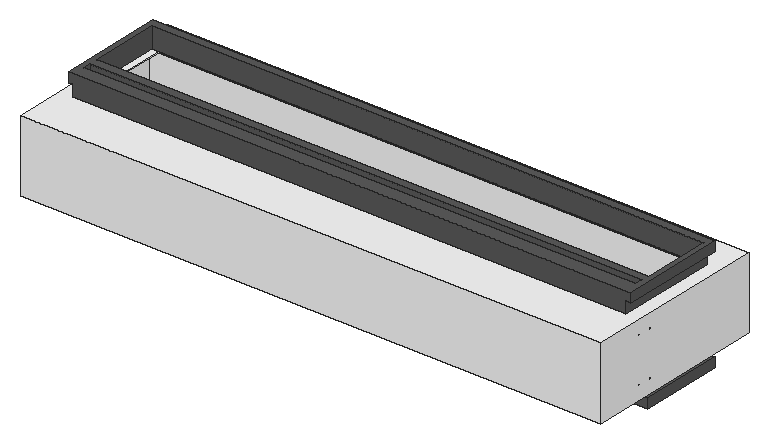
Revit family "C Series - C1320STIO - Front Intake", category Generic Models, host Face, Revit 2019
Family settings
  Host = Face
  Can host rebar = No
  Round Connector Dimension = Use Diameter
  Part Type = Normal
  Cut with Voids When Loaded = Yes
  Shared = Yes
  Room Calculation Point = No
Parameters (values of type "As Specified")
  URL = "https://www.montigo.com/"
  Top Offset Right = 0"
  Top Offset Left = 0"
  Manufacturer Website = "https://www.montigo.com/"
  Manufacturer Phone - Toll Free = "800-378-3115"
  Manufacturer Phone = ""
  Manufacturer Fax = ""
  Manufacturer Address = "27342 Gloucester Way  Langley, BC, Canada   V4W 4A1"
  Manufacturer = "Montigo"
  Length = 168 3/16"
  Intake Duct Offset = 6"
  Height = 53 113/256"
  HVAC_Exit Diameter = 8"
  HVAC_Entry Diameter = 7"
  HVAC_BTU Output = 0.0 Btu/h
  HVAC_BTU Input = 0.0 Btu/h
  Glazing Tint = Glass - Montigo - Tint as Specified
  Frame Material = Metal - Montigo - Black
  Firebox Material = Metal - Montigo - White
  Fire Place Opening Length = 43"
  Fire Place Opening = 30 1/2"
  Description = "Montigo Fireplace as Specified"
  Depth = 20 225/256"
  Default Elevation = 48"
  COOLPack Consumption = 1200 CFM
  Base Offset Right = 9"
  Base Offset Left = 9"
  Base Offset = 1"
  Base Height = 14 49/256"
  Assembly Code = "D3020"
Reference planes (in)
  plane 1 "Center (Front/Back)": y = 0
  plane 2: z = 0
  plane 3 "Center (Left/Right)": x = 0
  plane 4: x = -84.09375
  plane 5: x = 84.09375
  plane 6: y = 26.7207
  plane 7: y = -26.7207
  plane 8: y = -12.5293
  plane 9: z = 0
  plane 10: z = -20.87891
  plane 11: z = -10.43945
  plane 12: x = -81.5
  plane 13: x = 81.5
  plane 14: y = 17.9707
Forms (in)
  Extrusion 1, solid, material "Metal - Montigo - White" <- "Firebox Material"
    sketch origin (-60.41868, -180, 0) x (-1, 0, 0) y (0, -1, 0)
      loop
        line (23.67507, -206.7207) -> (23.67507, -153.2793) -> (-144.51243, -153.2793) -> (-144.51243, -206.7207) -> (23.67507, -206.7207)
    from 0 to -20.87891
  Extrusion 2, solid, material "Metal - Montigo - Black" <- "Frame Material"
    sketch origin (-60.41868, -180, 0) x (-1, 0, 0) y (0, -1, 0)
      loop
        line (21.08132, -197.9707) -> (21.08132, -167.4707) -> (-141.91868, -167.4707) -> (-141.91868, -197.9707) -> (21.08132, -197.9707)
    from 0 to 6
  Sweep 3, void
    path in 3D
      loop
        line (81.5, -12.5293, 6) -> (81.5, 17.9707, 6) -> (-81.5, 17.9707, 6) -> (-81.5, -12.5293, 6)
    profile origin (81.5, 2.7207, 6) x (-1, 0, 0) y (0, 0, 1)
      loop
        line (0, -6) -> (1.375, -6) -> (1.375, -2.75) -> (0, -2.75) -> (0, -6)
  Extrusion 4, void
    sketch origin (-60.41868, -180, 0) x (0, -1, 0) y (-1, 0, 0)
      loop
        line (-196.4082, 21.08132) -> (-196.4082, -141.91868) -> (-174.9082, -141.91868) -> (-174.9082, 21.08132) -> (-196.4082, 21.08132)
    from 0.125 to 20.75
  Extrusion 5, void
    sketch origin (-60.41868, -181.80859, 0) x (0, -1, 0) y (-1, 0, 0)
      loop
        line (-197.52539, 19.58132) -> (-197.52539, -140.41868) -> (-177.52539, -140.41868) -> (-177.52539, 19.58132) -> (-197.52539, 19.58132)
    from -6 to 0
  Extrusion 6, void
    sketch origin (-60.41868, -180, 0) x (0, -1, 0) y (-1, 0, 0)
      loop
        line (-195.71679, 17.58132) -> (-195.71679, -138.41868) -> (-175.7168, -138.41868) -> (-175.7168, 17.58132) -> (-195.71679, 17.58132)
    from -1 to 1
  Extrusion 7, void
    sketch origin (-60.41868, -180, 0) x (0, -1, 0) y (-1, 0, 0)
      loop
        line (-173.4082, 19.58132) -> (-173.4082, -140.41868) -> (-171.0332, -140.41868) -> (-171.0332, 19.58132) -> (-173.4082, 19.58132)
    from -6 to -3.25
  Extrusion 8, void
    sketch origin (0, -1.69589, -0.88973) x (0, 1, 0) y (0, 0, 1)
      loop
        circle (-11.27091, -16.05168) r 0.4375
      loop
        circle (-7.27091, -16.05168) r 0.4375
      loop
        circle (-11.27091, -3.05168) r 0.4375
      loop
        circle (-7.27091, -3.05168) r 0.4375
    from 84.09375 to 83.46962
  Extrusion 9, solid, material "Metal - Montigo - Black" <- "Frame Material"
    sketch origin (-60.41868, -180, -20.87891) x (0, 1, 0) y (1, 0, 0)
      loop
        line (197.9707, -21.08132) -> (197.9707, 141.91868) -> (173.4707, 141.91868) -> (173.4707, -21.08132) -> (197.9707, -21.08132)
    from 0 to 6
  Sweep 10, void
    path in 3D
      loop
        line (81.5, -12.5293, -26.87891) -> (81.5, 17.9707, -26.87891) -> (-81.5, 17.9707, -26.87891) -> (-81.5, -12.5293, -26.87891)
    profile origin (81.5, 2.7207, -26.87891) x (1, 0, 0) y (0, 0, -1)
      loop
        line (0, -6) -> (0, -2.75) -> (-1.375, -2.75) -> (-1.375, -6) -> (0, -6)
  Extrusion 11, void
    sketch origin (-60.41868, -180, -20.87891) x (1, 0, 0) y (0, 1, 0)
      loop
        line (-17.58132, 195.71679) -> (-17.58132, 175.7168) -> (138.41868, 175.7168) -> (138.41868, 195.71679) -> (-17.58132, 195.71679)
    from -1 to 1
  Extrusion 12, void
    sketch origin (-60.41868, -181.80859, -20.87891) x (1, 0, 0) y (0, 1, 0)
      loop
        line (-19.58132, 197.52539) -> (-19.58132, 177.52539) -> (140.41868, 177.52539) -> (140.41868, 197.52539) -> (-19.58132, 197.52539)
    from -6 to 0
Cuts and joins
  Sweep 3, Extrusion 4, Extrusion 5, Extrusion 7, Sweep 10, Extrusion 11, Extrusion 12 cuts Extrusion 2
  Extrusion 4, Extrusion 5, Extrusion 6, Extrusion 7, Extrusion 8, Sweep 10, Extrusion 11, Extrusion 12 cuts Extrusion 1
  Sweep 10, Extrusion 12 cuts Extrusion 9
Lines and regions (in)
  symbolic lines
    curve 1: line (80.125, 54.21644, 0) -> (80.125, 50.96644, 0)
    curve 2: line (80.125, 50.96644, 0) -> (81.5, 50.96644, 0)
    curve 6: line (80, 16.4082, 0) -> (80, -3.2832, 0)
    curve 7: line (-80, -3.2832, 0) -> (-80, 16.4082, 0)
  sketch lines
    curve 3: line (81.5, -12.5293, 6) -> (81.5, 17.9707, 6)
    curve 4: line (81.5, 17.9707, 6) -> (-81.5, 17.9707, 6)
    curve 5: line (-81.5, 17.9707, 6) -> (-81.5, -12.5293, 6)
    curve 8: line (81.5, -12.5293, -26.87891) -> (81.5, 17.9707, -26.87891)
    curve 9: line (81.5, 17.9707, -26.87891) -> (-81.5, 17.9707, -26.87891)
    curve 10: line (-81.5, 17.9707, -26.87891) -> (-81.5, -12.5293, -26.87891)
Dimensions and locks (in)
  equal spacing: plane 4, plane 3 "Center (Left/Right)", plane 5
  "Length": plane 4 to plane 5
  equal spacing: plane 7, plane 1 "Center (Front/Back)", plane 6
  "Height": plane 7 to plane 6
  "Base Height": plane 7 to plane 8
  "Depth": plane 9 to plane 10
  equal spacing: plane 9, plane 11, plane 10
  locked: plane 4 to plane 12 at 2.59375
  locked: plane 13 to plane 5 at 2.59375
  "Fire Place Opening": plane 8 to plane 14
  locked: Extrusion 4 sketch curve to plane 8 at 7.4375
  locked: Extrusion 4 sketch curve to plane 14 at 1.5625
  locked: plane 8 to cut or joined group 1 (Extrusion 1, Extrusion 4, Extrusion 5, Extrusion 6, Extrusion 7, Extrusion 8, Sweep 10, Extrusion 11, Extrusion 12) at 7.4375
  locked: cut or joined group 1 to plane 14 at 1.5625
  locked: plane 12 to Extrusion 5 sketch curve at 1.5
  locked: Extrusion 5 sketch curve to plane 13 at 1.5
  locked: plane 12 to Extrusion 6 sketch curve at 3.5
  locked: Extrusion 6 sketch curve to plane 13 at 3.5
  Extrusion 6 sketch curve to plane 14 = 2 65/256"
  locked: Extrusion 6 sketch curve to plane 8 at 8.24609
  locked: plane 12 to Extrusion 7 sketch curve at 1.5
  locked: Extrusion 7 sketch curve to plane 13 at 1.5
  locked: plane 8 to Extrusion 7 sketch curve at 5.9375
  locked: plane 8 to Extrusion 7 sketch curve at 3.5625
  locked: cut or joined group 1 to plane 5 at 0.62413
  cut or joined group of Extrusion 2, Sweep 3, Extrusion 4, Extrusion 5, Extrusion 7, Sweep 10, Extrusion 11, Extrusion 12 to cut or joined group of Extrusion 2, Sweep 3, Extrusion 4, Extrusion 5, Extrusion 7, Sweep 10, Extrusion 11, Extrusion 12 = 20"
  aligned and locked: plane 2 to host face
  aligned and locked: level to host face
  aligned and locked: Extrusion 1 sketch curve to plane 6
  aligned and locked: Extrusion 1 to plane 10
  aligned and locked: plane 5 to Extrusion 1
  aligned and locked: Extrusion 1 sketch curve to plane 7
  aligned and locked: plane 9 to level
  aligned and locked: Extrusion 2 sketch curve to plane 14
  aligned and locked: plane 12 to Extrusion 2 sketch curve
  aligned and locked: Extrusion 2 sketch curve to plane 8
  aligned and locked: plane 13 to Extrusion 2 sketch curve
  aligned and locked: Extrusion 2 to level
  aligned and locked: plane 12 to Extrusion 4 sketch curve
  aligned and locked: plane 13 to Extrusion 4 sketch curve
  aligned and locked: Extrusion 2 to Extrusion 5
  aligned and locked: Extrusion 5 to level
  aligned and locked: Extrusion 2 to Extrusion 7
  aligned and locked: Extrusion 7 to Sweep 3
  aligned and locked: Extrusion 8 to cut or joined group 1
Automatic sketch dimensions
  host sketch curve to host sketch curve = 96"  (x2)
  Extrusion 1 sketch curve to plane 5 = 0"
  Extrusion 1 sketch curve to plane 4 = 0"
  curve 2 to plane 13 = 0"
  plane 13 to curve 2 = 1 3/8"
  curve 2 to plane 6 = 24.24574"
  plane 13 to curve 6 = 1 1/2"
  plane 12 to curve 7 = 1 1/2"
  curve 1 to curve 1 = 3 1/4"
  plane 14 to curve 7 = 1 9/16"
  plane 14 to curve 6 = 1 9/16"
  plane 1 "Center (Front/Back)" to curve 7 = 3.2832"
  plane 1 "Center (Front/Back)" to curve 6 = 3.2832"
  Sweep 3 sketch curve to profile plane = 0"
  Sweep 3 sketch curve to Sweep 3 sketch curve = 1 3/8"
  Sweep 3 sketch curve to profile plane = 6"
  Sweep 3 sketch curve to profile plane = 2 3/4"
  plane 14 to Extrusion 5 sketch curve = 2 65/256"
  plane 1 "Center (Front/Back)" to Extrusion 5 sketch curve = 4.2832"
  plane 8 to Extrusion 8 sketch curve = 7/16"  (x2)
  Extrusion 8 sketch curve to plane 8 = 3 9/16"  (x2)
  plane 10 to Extrusion 8 sketch curve = 3 15/16"  (x2)
  Extrusion 8 sketch curve to level = 3 241/256"  (x2)
  Extrusion 9 sketch curve to plane 12 = 0"
  Extrusion 9 sketch curve to plane 13 = 0"
  Extrusion 9 sketch curve to plane 14 = 0"
  Extrusion 9 sketch curve to plane 8 = 6"
  profile plane to Sweep 10 sketch curve = 0"
  Sweep 10 sketch curve to Sweep 10 sketch curve = 1 3/8"
  Sweep 10 sketch curve to profile plane = 6"
  Sweep 10 sketch curve to profile plane = 2 3/4"
  plane 12 to Extrusion 11 sketch curve = 3 1/2"
  plane 13 to Extrusion 11 sketch curve = 3 1/2"
  plane 1 "Center (Front/Back)" to Extrusion 11 sketch curve = 4.2832"
  plane 14 to Extrusion 11 sketch curve = 2 65/256"
  plane 12 to Extrusion 12 sketch curve = 1 1/2"
  plane 13 to Extrusion 12 sketch curve = 1 1/2"
  plane 1 "Center (Front/Back)" to Extrusion 12 sketch curve = 4.2832"
  plane 14 to Extrusion 12 sketch curve = 2 65/256"
  radius of Extrusion 8 sketch curve = 7/16"  (x4)
